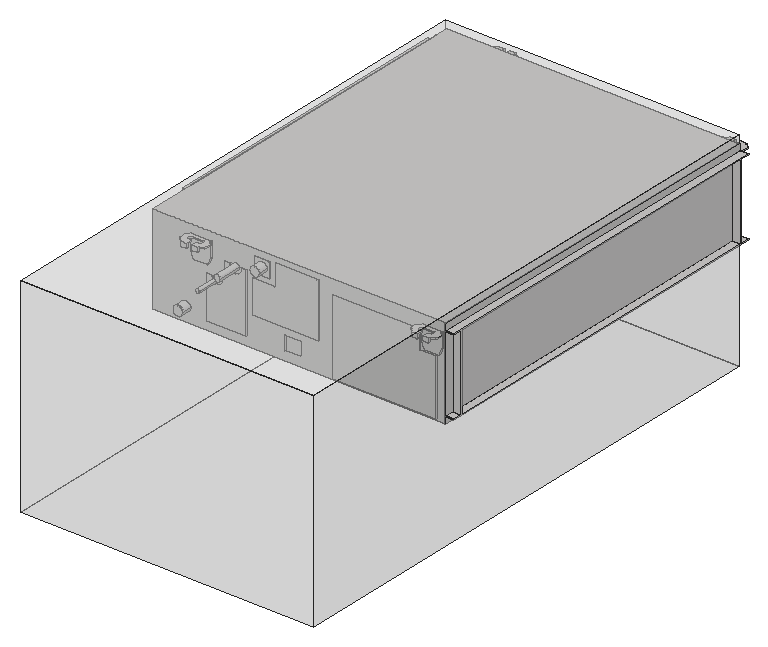
Revit family "outputfile", category 機械設備, Revit 2024
Family settings
  丸型コネクタ寸法 = 半径を使用
  パーツ タイプ = 標準
  OmniClass 番号 = 23.75.10.24.21.27.27
  OmniClass タイトル = Split System Air Conditioning Units
  作業面ベース = いいえ
  常に垂直 = はい
  ロード時にボイドで切り取り = いいえ
  注釈の向きを維持 = いいえ
  共有 = いいえ
  部屋計算ポイント = はい
Parameters (values of type "FBQ60EVE")
  Description = ""
  製造元 = "Daikin"
  書き出し IFC クラス(タイプ) = "IfcUnitaryEquipmentType"
  定義済み IFC タイプ(タイプ) = "AIRCONDITIONINGUNIT"
  Cost = 0
  モデル = "FBQ60EVE"
  Type Comments = ""
  Keynote = ""
  Type Image = (empty or 0)
  Assembly Code = ""
  switch_frequency = yes
  r_Liquid Pipe Size = Liquid Pipe Size / 2  # 4.75 mm
  r_Gas Pipe Size = Gas Pipe Size / 2  # 7.95 mm
  r_Drain Pipe Size = Drain Pipe Size / 2  # 12.5 mm
  lw_power = 770.0 mm  # constant formula
  lh_SA = 138.0 mm  # constant formula
  lw_SA = if(Depth = 550.0 mm, 225.0 mm, if(Depth = 700.0 mm, 300.0 mm, if(Depth = 1000.0 mm, 450.0 mm, if(Depth = 1400.0 mm, 650.0 mm, 725.0 mm))))  # 450.0 mm
  lw_RA = if(Depth = 550.0 mm, 275.0 mm, if(Depth = 700.0 mm, 349.0 mm, if(Depth = 1000.0 mm, 499.0 mm, if(Depth = 1400.0 mm, 699.0 mm, 775.0 mm))))  # 499.0 mm
  lh_power = 60.0 mm + [h***]  # 60.0 mm
  lh_mountinghole1 = lh_mountinghole + [h***]  # 222.0 mm
  lh_RA = 123.0 mm  # constant formula
  ld_power = Depth / 2  # 500.0 mm
  connector_voltage = Voltage_50Hz  # 230 V
  connector_powerinput = [Power Input (Cooling)]  # 1.690 kW
  connector_phase = Phase_50Hz  # 1
  Voltage_comment_60Hz = "220"
  Voltage_comment_50Hz = "220 - 240"
  Voltage_60Hz = 220 V
  Voltage_50Hz = 230 V
  URL = ""
  Supply Air Direction [instance] = yes
  Sound Power Level_H speed (dB) = 0
  Phase_60Hz = 1
  Phase_50Hz = 1
  Minimum External Static Pressure = 0.00 Pa
  Minimum Circuit Amps_60Hz = 0.0 A
  Minimum Circuit Amps_50Hz = 0.0 A
  Maximum Fuse Amps_60Hz = 0.0 A
  Maximum Fuse Amps_50Hz = 0.0 A
  Maximum External Static Pressure = 0.00 Pa
  Material_Casing = DAIKIN_GalvanizedSteel_Casing_indoorunit
  lw_mountinghole = 630.0 mm  # constant formula
  lh_gaspipe = 183.0 mm + [h***]  # 183.0 mm
  lh_mountinghole = 222.0 mm  # constant formula
  lh_liquidpipe = 136.0 mm + [h***]  # 136.0 mm
  lh_drainpipe = 207.0 mm + [h***]  # 207.0 mm
  lh_antena = Height - lh_mountinghole + 1.0 mm  # 24.0 mm
  ld_drainpipe = Depth / 2 + 26.0 mm  # 526.0 mm
  ld_liquidpipe = Depth / 2 + 69.0 mm  # 569.0 mm
  ld_gaspipe = Depth / 2 + 65.0 mm  # 565.0 mm
  ld_mountinghole = Depth + 38.0 mm  # 1038.0 mm
  h*** = 0.0 mm  # constant formula
  lw_liquidpipe = 179.0 mm  # constant formula
  lw_gaspipe = 229.0 mm  # constant formula
  lw_drainpipe = 300.0 mm  # constant formula
  Width = 800.0 mm
  Version = "ver.1.0"
  Unit Type = "Duct"
  Unit Mass Weight = 37.00 kg
  Unit Designation [instance] = ""
  Uniclass2015Version = "Products v1.30"
  Uniclass2015Title = "Split coil room air conditioning units"
  Uniclass2015Code = "Pr_70_65_03_86"
  Total Cooling Capacity [instance] = 0.000 kW
  Sound Pressure Level_M speed (dBA) = 33
  Sound Pressure Level_L speed (dBA) = 31
  Sound Pressure Level_H speed (dBA) = 35
  Series = "SkyAir_Fan Coil Unit"
  Sensible Cooling Capacity [instance] = 0.000 kW
  SA Duct Size Width = 792.0 mm
  SA Duct Size Height = 176.0 mm
  Refrigerant Type = "R410A"
  RA Duct Size Width = 952.0 mm
  RA Duct Size Height = 208.0 mm
  Power Input (Cooling) = 1.690 kW
  Option Accessory 3 [instance] = ""
  Option Accessory 2 [instance] = ""
  Option Accessory 1 [instance] = ""
  Nominal Cooling Capacity = 6.000 kW
  Minimum Airflow = 756.00 m³/h
  Median Airflow = 900.00 m³/h
  Maximum Airflow = 1080.00 m³/h
  Load Classification = HVAC
  Liquid Pipe Size = 9.5 mm
  Link_Nested Family [instance] = ""
  IfcVersion = ""
  IfcExportType = "AIRCONDITIONINGUNIT"
  IfcExportAs = "IfcUnitaryEquipmentType"
  Height = 245.0 mm
  Heat Exchanger Type = "Cross Fin Coil"
  Gas Pipe Size = 15.9 mm
  Frequency_60Hz = 60 Hz
  Frequency_50Hz = 50 Hz
  Fan Type = "Sirocco Fan"
  Fan Drive = "-"
  FCU Tag No. [instance] = ""
  Drain Pipe Size = 25.0 mm
  Design Supply Airflow [instance] = 0.00 m³/h
  Design Return Airflow [instance] = 0.00 m³/h
  Design External Static Pressure [instance] = 0.00 Pa
  Depth = 1000.0 mm
  既定の高さ = 0.0 mm
  Cooling Entering Wet Bulb Temperature [instance] = 0.00 °C
  Cooling Entering Dry Bulb Temperature [instance] = 0.00 °C
  Cooling Ambient Wet Bulb Temperature [instance] = 0.00 °C
  Cooling Ambient Dry Bulb Temperature [instance] = 0.00 °C
  Clearance visibility [instance] = yes
  Clearance Top = 20.0 mm
  Clearance Right = 0.0 mm
  Clearance Rear = 0.0 mm
  Clearance Left = 0.0 mm
  Clearance Front = 450.0 mm
  Clearance Bottom = 300.0 mm
Reference planes
  plane 1 "Center (Front/Back)": y = 0
  plane 2 "h": z = 0
  plane 3 "Center (Left/Right)": x = 0
  plane 4 "Back": y = 500
  plane 5 "Front": y = -500
  plane 6 "Left": x = -400
  plane 7 "Right": x = 400
  plane 8 "Top": z = 0
  plane 9 "Bottom": z = -245
  plane 10: y = -215
  plane 11: y = 500
  plane 12: y = -950
  plane 13: x = -400
  plane 14: x = 400
  plane 15: z = 20
  plane 16: z = -545
  plane 17: x = -400
  plane 18: x = -399
  plane 19: x = 399
  plane 20: y = 50
  plane 21: y = -1
  plane 22: z = -122
  plane 23: y = -501
  plane 24: z = -109
  plane 25: x = -221
  plane 26: y = -565
  plane 27: z = -62
  plane 28: x = -171
  plane 29: y = -526
  plane 30: z = -38
  plane 31: x = -100
  plane 32: x = -100
  plane 33: x = -221
  plane 34: x = -171
  plane 35: x = 370
  plane 36: x = -266
  plane 37: x = 364
  plane 38: y = -519
  plane 39: y = 519
  plane 40: z = -23
  plane 41: z = -107
  plane 42: y = -569
  plane 43: z = -207
  plane 44: x = -309
  plane 45: y = -526
  plane 46: x = -251
  plane 47: x = -203
  plane 48: x = -144
  plane 49: z = -59
  plane 50: z = -106
  plane 51: z = -221
  plane 52: z = -109
  plane 53: x = -221
  plane 54: z = -62
  plane 55: x = -171
  plane 56: z = -17
  plane 57: z = -59
  plane 58: x = -121
  plane 59: x = -79
  plane 60: x = -125
  plane 61: x = -64
  plane 62: x = 53
  plane 63: z = -164
  plane 64: z = -73
  plane 65: z = -16
  plane 66: x = 93.5
  plane 67: x = 374.5
  plane 68: x = 330
  plane 69: z = -88.5
  plane 70: z = -38
  plane 71: z = -242.5
  plane 72: x = -38.5
  plane 73: x = 6.5
  plane 74: z = -181
  plane 75: z = -221
  plane 76: y = -499
  plane 77: x = -424
  plane 78: x = 424
Forms (mm)
  Extrusion 1, solid, material "DAIKIN_GalvanizedSteel_Casing_indoorunit" <- "Material_Casing"
    sketch origin (0, 0, 0) x (1, 0, 0) y (0, 1, 0)
      loop
        line (-399, 500) -> (-399, -500) -> (399, -500) -> (399, 500) -> (-399, 500)
    from -245 to 0
  Extrusion 2, solid, material "DAIKIN_GalvanizedSteel_Casing_indoorunit" <- "Material_Casing"
    sketch origin (0, 0, 0) x (1, 0, 0) y (0, 0, 1)
      loop
        line (-251, -221) -> (-144, -221) -> (-144, -59) -> (-154.47, -59)
        arc (-154.47, -59) -> (-171, -78.8) -> (-187.53, -59) r 16.8
        line (-187.53, -59) -> (-203, -59) -> (-203, -106) -> (-206.916, -106)
        arc (-206.916, -106) -> (-221, -123.4) -> (-235.084, -106) r 14.4
        line (-235.084, -106) -> (-251, -106) -> (-251, -221)
    from 500 to 501
  Extrusion 3, solid, material "DAIKIN_GalvanizedSteel_Casing_indoorunit" <- "Material_Casing"
    sketch origin (0, 0, 0) x (1, 0, 0) y (0, 0, 1)
      loop
        line (-121, -17) -> (-121, -59) -> (-79, -59) -> (-79, -17) -> (-121, -17)
      loop
        line (-125, -73) -> (-125, -164) -> (53, -164) -> (53, -16) -> (-64, -16) -> (-64, -73) -> (-125, -73)
    from 500 to 501
  Extrusion 4, solid, material "DAIKIN_GalvanizedSteel_Casing_indoorunit" <- "Material_Casing"
    sketch origin (0, 0, 0) x (1, 0, 0) y (0, 0, 1)
      loop
        line (93.5, -38) -> (93.5, -242.5) -> (374.5, -242.5) -> (374.5, -88.5) -> (330, -88.5) -> (330, -38) -> (93.5, -38)
    from 500 to 501
  Extrusion 5, solid, material "DAIKIN_GalvanizedSteel_Casing_indoorunit" <- "Material_Casing"
    sketch origin (0, 0, 0) x (1, 0, 0) y (0, 0, 1)
      loop
        circle (-221, -109) r 4.75
    from 500 to 569
  Extrusion 6, solid, material "DAIKIN_GalvanizedSteel_Casing_indoorunit" <- "Material_Casing"
    sketch origin (0, 0, 0) x (1, 0, 0) y (0, 0, 1)
      loop
        circle (-171, -62) r 7.95
    from 500 to 565
  Extrusion 7, solid, material "DAIKIN_GalvanizedSteel_Casing_indoorunit" <- "Material_Casing"
    sketch origin (0, 0, 0) x (1, 0, 0) y (0, 0, 1)
      loop
        circle (-100, -38) r 12.5
    from 501 to 526
  Extrusion 8, solid, material "DAIKIN_GalvanizedSteel_Casing_indoorunit" <- "Material_Casing"
    sketch origin (0, 0, 0) x (1, 0, 0) y (0, 0, 1)
      loop
        circle (-309, -207) r 13
    from 500 to 526
  Extrusion 9, void
    sketch origin (0, 0, 0) x (1, 0, 0) y (0, 0, 1)
      loop
        line (-38.5, -181) -> (-38.5, -221) -> (6.5, -221) -> (6.5, -181) -> (-38.5, -181)
    from 499 to 500
Cuts and joins
  Extrusion 9 cuts Extrusion 1
Dimensions and locks
  "Height": plane 8 "Top" to plane 9 "Bottom"
  equal spacing: plane 4 "Back", plane 1 "Center (Front/Back)", plane 5 "Front"
  "Depth": plane 4 "Back" to plane 5 "Front"
  equal spacing: plane 6 "Left", plane 3 "Center (Left/Right)", plane 7 "Right"
  "Width": plane 6 "Left" to plane 7 "Right"
  "Clearance Left": plane 13 to plane 6 "Left"
  "Clearance Right": plane 7 "Right" to plane 14
  "Clearance Rear": plane 11 to plane 4 "Back"
  "Clearance Front": plane 5 "Front" to plane 12
  "Clearance Top": plane 15 to plane 8 "Top"
  "Clearance Bottom": plane 9 "Bottom" to plane 16
  locked: plane 17 to plane 18 at 1
  locked: plane 19 to plane 14 at 1
  "lw_RA": plane 21 to plane 5 "Front"
  "lh_RA": plane 22 to plane 9 "Bottom"
  locked: plane 5 "Front" to plane 23 at 1
  "lw_liquidpipe": plane 25 to plane 6 "Left"
  "lh_liquidpipe": plane 24 to plane 9 "Bottom"
  "lh_gaspipe": plane 27 to plane 9 "Bottom"
  "lw_gaspipe": plane 28 to plane 6 "Left"
  "ld_gaspipe": plane 26 to plane 1 "Center (Front/Back)"
  "ld_drainpipe": plane 29 to plane 1 "Center (Front/Back)"
  "lh_drainpipe": plane 30 to plane 9 "Bottom"
  "lw_drainpipe": plane 31 to plane 6 "Left"
  "lw_drainpipe": plane 6 "Left" to plane 32
  "lw_liquidpipe": plane 6 "Left" to plane 33
  "lw_gaspipe": plane 6 "Left" to plane 34
  "lw_power": plane 6 "Left" to plane 35
  locked: plane 17 to plane 36 at 134
  "lw_mountinghole": plane 36 to plane 37
  equal spacing: plane 38, plane 1 "Center (Front/Back)", plane 39
  "ld_mountinghole": plane 39 to plane 38
  "lh_mountinghole": plane 40 to plane 9 "Bottom"
  "lh_SA": plane 41 to plane 9 "Bottom"
  locked: plane 44 to plane 6 "Left" at 91
  locked: plane 43 to plane 9 "Bottom" at 38
  locked: plane 5 "Front" to plane 45 at 26
  plane 48 to plane 47 to plane 46 to plane 6 "Left" = 59.0 mm, 48.0 mm, 149.0 mm
  plane 8 "Top" to plane 49 to plane 50 to plane 51 = 59.0 mm locked, 47.0 mm locked, 115.0 mm locked
  plane 55 to plane 53 to plane 6 "Left" = 50.0 mm locked, 179.0 mm locked
  plane 54 to plane 52 to plane 9 "Bottom" = 47.0 mm locked, 136.0 mm locked
  plane 59 to plane 58 to plane 6 "Left" = 42.0 mm locked, 279.0 mm locked
  plane 8 "Top" to plane 56 to plane 57 = 17.0 mm locked, 42.0 mm locked
  plane 62 to plane 61 to plane 60 to plane 6 "Left" = 117.0 mm, 61.0 mm, 275.0 mm
  plane 8 "Top" to plane 65 to plane 64 = 16.0 mm locked, 57.0 mm locked
  locked: plane 65 to plane 63 at 148
  plane 8 "Top" to plane 70 to plane 69 to plane 71 = 38.0 mm locked, 50.5 mm locked, 154.0 mm locked
  plane 67 to plane 68 to plane 66 to plane 6 "Left" = 44.5 mm locked, 236.5 mm locked, 493.5 mm locked
  plane 8 "Top" to plane 74 to plane 75 = 181.0 mm locked, 40.0 mm locked
  plane 73 to plane 72 to plane 6 "Left" = 45.0 mm, 361.5 mm
  locked: plane 76 to plane 5 "Front" at 1
  locked: plane 77 to plane 17 at 24
  locked: plane 14 to plane 78 at 24
  "ld_liquidpipe": plane 42 to plane 1 "Center (Front/Back)"
  "lw_SA": plane 4 "Back" to plane 20
  "r_Liquid Pipe Size": radius of Extrusion 5 sketch curve
  "r_Gas Pipe Size": radius of Extrusion 6 sketch curve
  "r_Drain Pipe Size": radius of Extrusion 7 sketch curve
  aligned and locked: level to plane 2 "h"
  aligned and locked: plane 8 "Top" to Extrusion 1
  aligned and locked: Extrusion 1 to plane 9 "Bottom"
  aligned and locked: nested 5 to plane 12
  aligned and locked: plane 13 to nested 5
  aligned and locked: plane 14 to nested 5
  aligned and locked: nested 5 to plane 13
  aligned and locked: plane 11 to nested 5
  aligned and locked: plane 15 to nested 5
  aligned and locked: plane 16 to nested 5
  aligned and locked: plane 5 "Front" to Extrusion 1 sketch curve
  aligned and locked: Extrusion 1 to plane 18
  aligned and locked: plane 19 to Extrusion 1
  aligned and locked: nested 7 to plane 18
  aligned and locked: nested 7 to plane 20
  aligned and locked: plane 19 to nested 8
  aligned and locked: plane 21 to nested 8
  aligned and locked: plane 22 to nested 8
  aligned and locked: Extrusion 2 to plane 23
  aligned and locked: plane 5 "Front" to Extrusion 2
  aligned and locked: Extrusion 3 to plane 23
  aligned and locked: plane 5 "Front" to Extrusion 3
  aligned and locked: plane 5 "Front" to Extrusion 4
  aligned and locked: Extrusion 5 sketch curve to plane 25
  aligned and locked: plane 24 to Extrusion 5 sketch curve
  aligned and locked: plane 5 "Front" to Extrusion 5
  aligned and locked: Extrusion 6 sketch curve to plane 28
  aligned and locked: plane 27 to Extrusion 6 sketch curve
  aligned and locked: plane 5 "Front" to Extrusion 6
  aligned and locked: Extrusion 7 sketch curve to plane 31
  aligned and locked: Extrusion 7 sketch curve to plane 30
  aligned and locked: Extrusion 7 to plane 29
  aligned and locked: plane 23 to Extrusion 7
  aligned and locked: nested 3 to plane 29
  aligned and locked: plane 32 to nested 3
  aligned and locked: nested 2 to plane 33
  aligned and locked: nested 1 to plane 34
  aligned and locked: Extrusion 6 to plane 26
  aligned and locked: nested 1 to plane 26
  aligned and locked: nested 6 to plane 5 "Front"
  aligned and locked: nested 6 to plane 35
  aligned and locked: plane 36 to nested 10
  aligned and locked: nested 10 to plane 5 "Front"
  aligned and locked: plane 37 to nested 9
  aligned and locked: nested 9 to plane 5 "Front"
  aligned and locked: nested 11 to plane 36
  aligned and locked: plane 4 "Back" to nested 11
  aligned and locked: nested 12 to plane 37
  aligned and locked: plane 4 "Back" to nested 12
  aligned and locked: plane 40 to nested 10
  aligned and locked: plane 40 to nested 11
  aligned and locked: plane 40 to nested 9
  aligned and locked: plane 40 to nested 12
  aligned and locked: plane 36 to nested 14
  aligned and locked: nested 14 to plane 39
  aligned and locked: plane 37 to nested 13
  aligned and locked: nested 13 to plane 39
  aligned and locked: plane 37 to nested 16
  aligned and locked: plane 38 to nested 16
  aligned and locked: plane 38 to nested 15
  aligned and locked: plane 36 to nested 15
  aligned and locked: plane 17 to plane 6 "Left"
  aligned and locked: plane 41 to nested 7
  aligned and locked: Extrusion 5 to plane 42
  aligned and locked: nested 2 to plane 42
  aligned and locked: Extrusion 8 sketch curve to plane 44
  aligned and locked: plane 43 to Extrusion 8 sketch curve
  aligned and locked: plane 5 "Front" to Extrusion 8
  aligned and locked: plane 45 to Extrusion 8
  aligned and locked: Extrusion 3 sketch curve to plane 56
  aligned and locked: Extrusion 3 sketch curve to plane 58
  aligned and locked: plane 57 to Extrusion 3 sketch curve
  aligned and locked: plane 59 to Extrusion 3 sketch curve
  aligned and locked: Extrusion 4 to plane 23
  aligned and locked: Extrusion 9 sketch curve to plane 74
  aligned and locked: plane 75 to Extrusion 9 sketch curve
  aligned and locked: plane 73 to Extrusion 9 sketch curve
  aligned and locked: plane 5 "Front" to Extrusion 9
  aligned and locked: plane 76 to Extrusion 9
  aligned and locked: nested 17 to plane 20
  aligned and locked: nested 17 to plane 77
  aligned and locked: plane 21 to nested 18
  aligned and locked: plane 78 to nested 18
  aligned and locked: plane 41 to nested 17
  aligned and locked: nested 18 to plane 22
  aligned and locked: nested 4 to plane 3 "Center (Left/Right)"
  aligned and locked: plane 1 "Center (Front/Back)" to nested 4
  aligned and locked: level to plane 8 "Top"
Automatic sketch dimensions
  plane 6 "Left" to Extrusion 1 sketch curve = 1.0 mm
  Extrusion 1 sketch curve to plane 7 "Right" = 1.0 mm
  Extrusion 1 sketch curve to plane 4 "Back" = 0.0 mm
  Extrusion 2 sketch curve to plane 46 = 0.0 mm
  Extrusion 2 sketch curve to plane 33 = 0.0 mm
  Extrusion 2 sketch curve to plane 47 = 0.0 mm
  Extrusion 2 sketch curve to plane 34 = 0.0 mm
  Extrusion 2 sketch curve to plane 48 = 0.0 mm
  Extrusion 2 sketch curve to plane 51 = 0.0 mm
  Extrusion 2 sketch curve to plane 52 = 0.0 mm
  Extrusion 2 sketch curve to plane 50 = 0.0 mm  (x3)
  Extrusion 2 sketch curve to plane 54 = 0.0 mm
  Extrusion 2 sketch curve to plane 49 = 0.0 mm  (x3)
  plane 33 to Extrusion 2 sketch curve = 14.084 mm
  plane 34 to Extrusion 2 sketch curve = 16.53 mm
  Extrusion 3 sketch curve to plane 60 = 0.0 mm
  Extrusion 3 sketch curve to plane 61 = 0.0 mm
  Extrusion 3 sketch curve to plane 62 = 0.0 mm
  Extrusion 3 sketch curve to plane 63 = 0.0 mm
  Extrusion 3 sketch curve to plane 64 = 0.0 mm
  Extrusion 3 sketch curve to plane 65 = 0.0 mm
  Extrusion 4 sketch curve to plane 66 = 0.0 mm
  Extrusion 4 sketch curve to plane 68 = 0.0 mm
  Extrusion 4 sketch curve to plane 67 = 0.0 mm
  Extrusion 4 sketch curve to plane 71 = 0.0 mm
  Extrusion 4 sketch curve to plane 69 = 0.0 mm
  Extrusion 4 sketch curve to plane 70 = 0.0 mm
  Extrusion 9 sketch curve to plane 72 = 0.0 mm
  radius of Extrusion 8 sketch curve = 13.0 mm
Nested families
  nested 1: "daikin_connector_rotate2" at (-171, 0, -62), length <- "ld_gaspipe", built-in parameter 1001364 <- "lh_gaspipe", radius <- "r_Gas Pipe Size", type "daikin_connector_rotate2"
    with radius 7.95 mm, length 565.0 mm, angle_vertical 90.00°
  nested 2: "daikin_connector_rotate2" at (-221, 0, -109), length <- "ld_liquidpipe", built-in parameter 1001364 <- "lh_liquidpipe", radius <- "r_Liquid Pipe Size", type "daikin_connector_rotate2"
    with radius 4.75 mm, length 569.0 mm, angle_vertical 90.00°
  nested 3: "daikin_connector_rotate2" at (-100, 0, -38), length <- "ld_drainpipe", built-in parameter 1001364 <- "lh_drainpipe", radius <- "r_Drain Pipe Size", type "daikin_connector_rotate2"
    with radius 12.5 mm, length 526.0 mm, angle_vertical 90.00°
  nested 4: "daikin_△_symbolicline" at (0, 0, 245) x (0, -1, 0) z (0, 0, 1), built-in parameter 1001364 <- "Height", visible <- "Supply Air Direction", type "daikin_△_symbolicline"
    with length 200.0 mm
  nested 5: "daikin_clearancespace" at (0, -225, -262.381), visible <- "Clearance visibility", show <- "Clearance visibility", Link_Nested Family <- "Link_Nested Family", type "daikin_clearancespace"
    with width 800.0 mm, show yes, height 565.0 mm, depth 1450.0 mm, Link_Nested Family ""
  nested 6: "daikin_connector_rotate2" at (370, 0, -185), built-in parameter 1001364 <- "lh_power", length <- "ld_power", type "daikin_connector_rotate2"
    with radius 10.0 mm, length 500.0 mm, angle_vertical 90.00°
  nested 7: "daikin_ductflange_FBQ-EVE2" at (-399, 50, -107) x (0, -1, 0) z (0, 0, 1), type "daikin_ductflange_FBQ-EVE2"
    with width 792.0 mm, w 1000.0 mm
  nested 8: "daikin_ductflange_FBQ-EVE" at (399, -1, -122) x (0, 1, 0) z (0, 0, 1), type "daikin_ductflange_FBQ-EVE"
    with width 952.0 mm, lw 25.0 mm, w 1000.0 mm
  nested 9: "daikin_hangerfixture_FBQ-EVE" at (364, -500, -23), type "daikin_hangerfixture_FBQ-EVE"
  nested 10: "daikin_hangerfixture_FBQ-EVE" at (-266, -500, -23), type "daikin_hangerfixture_FBQ-EVE"
  nested 11: "daikin_hangerfixture_FBQ-EVE" at (-266, 500, -23) x (-1, 0, 0) z (0, 0, 1), type "daikin_hangerfixture_FBQ-EVE"
  nested 12: "daikin_hangerfixture_FBQ-EVE" at (364, 500, -23) x (-1, 0, 0) z (0, 0, 1), type "daikin_hangerfixture_FBQ-EVE"
  nested 13: "daikin_mountinghole" at (364, 519, -245), h_mountinghole <- "lh_mountinghole1", l_antenna <- "lh_antena", Link_Nested Family <- "Link_Nested Family", type "daikin_mountinghole"
    with show yes, l_antenna 24.0 mm, h_mountinghole 222.0 mm, Link_Nested Family ""
  nested 14: "daikin_mountinghole" at (-266, 519, -245), h_mountinghole <- "lh_mountinghole1", l_antenna <- "lh_antena", Link_Nested Family <- "Link_Nested Family", type "daikin_mountinghole"
    with show yes, l_antenna 24.0 mm, h_mountinghole 222.0 mm, Link_Nested Family ""
  nested 15: "daikin_mountinghole" at (-266, -519, -245), h_mountinghole <- "lh_mountinghole1", l_antenna <- "lh_antena", Link_Nested Family <- "Link_Nested Family", type "daikin_mountinghole"
    with show yes, l_antenna 24.0 mm, h_mountinghole 222.0 mm, Link_Nested Family ""
  nested 16: "daikin_mountinghole" at (364, -519, -245), h_mountinghole <- "lh_mountinghole1", l_antenna <- "lh_antena", Link_Nested Family <- "Link_Nested Family", type "daikin_mountinghole"
    with show yes, l_antenna 24.0 mm, h_mountinghole 222.0 mm, Link_Nested Family ""
  nested 17: "daikin_connector_rotate2" at (-400, 50, -107) x (0, -1, 0) z (0, 0, 1), type "daikin_connector_rotate2"
    with radius 10.0 mm, length 24.0 mm, angle_vertical 90.00°
  nested 18: "daikin_connector_rotate2" at (400, -1, -122) x (0, 1, 0) z (0, 0, 1), type "daikin_connector_rotate2"
    with radius 10.0 mm, length 24.0 mm, angle_vertical 90.00°
Connectors
  piping at (-100, -526, -38), diameter 25, driven by "r_Drain Pipe Size"
    settings: on nested 3, index 3, connector inside diameter 609.6 mm, connector length 0.0 mm, flow factor 0, pipe flow 0.00 m³/h, pressure drop 0.0 Pa, fitting loss kfactor 0, connector angle 0.00°, fixture units 0, engagement length 0.0 mm, angle of deflection 0.00°, flow configuration 1, flow direction 2, fitting loss method 4, system type 16, joint type 0, gender type 0, connector reference index -1, connector utility 0, adjustable connector no, is connector primary yes, connector description "Condensate Drain Piping"
  piping at (-171, -565, -62), diameter 15.9, driven by "r_Gas Pipe Size"
    settings: on nested 1, index 4, connector inside diameter 609.6 mm, connector length 0.0 mm, flow factor 0, pipe flow 0.00 m³/h, pressure drop 0.0 Pa, fitting loss kfactor 0, connector angle 0.00°, fixture units 0, engagement length 0.0 mm, angle of deflection 0.00°, flow configuration 1, flow direction 2, fitting loss method 0, system type 29, joint type 0, gender type 0, connector reference index -1, connector utility 0, adjustable connector no, is connector primary no, connector description "Refrigerant Gas Piping"
  piping at (-221, -569, -109), diameter 9.5, driven by "r_Liquid Pipe Size"
    settings: on nested 2, index 5, connector inside diameter 609.6 mm, connector length 0.0 mm, flow factor 0, pipe flow 0.00 m³/h, pressure drop 0.0 Pa, fitting loss kfactor 0, connector angle 0.00°, fixture units 0, engagement length 0.0 mm, angle of deflection 0.00°, flow configuration 1, flow direction 1, fitting loss method 0, system type 29, joint type 0, gender type 0, connector reference index -1, connector utility 0, adjustable connector no, is connector primary no, connector description "Refrigerant Liquid Piping"
  electrical at (370, -500, -185), driven by "Load Classification", driven by "connector_powerinput", driven by "connector_voltage", driven by "connector_phase"
    settings: on nested 6, index 6, voltage 230 V, apparent load 1690 VA, apparent load phase1 0 VA, apparent load phase2 0 VA, apparent load phase3 0 VA, power factor 1, load classification "HVAC", number of poles 1, system type 30, power factor state 1, is connector primary yes, connector utility no, sub classification motor no, connector description "Power Supply"
  hvac at (-424, 50, -107), driven by "SA Duct Size Height", driven by "SA Duct Size Width"
    settings: on nested 17, index 7, duct flow 0.00 m³/h, flow factor 0, pres drop 0.00 Pa, loss coef 0, conn angle 0.00°, conn width 792.0 mm, conn height 176.0 mm, conn diameter 609.6 mm, duct sys type 1, conn prof type 1, flow config 0, flow direction 2, loss method 4, conn ref index -1, conn util no, is conn primary yes, conn desc "SA Duct"
  hvac at (424, -1, -122), driven by "RA Duct Size Height", driven by "RA Duct Size Width"
    settings: on nested 18, index 8, duct flow 0.00 m³/h, flow factor 0, pres drop 0.00 Pa, loss coef 0, conn angle 0.00°, conn width 952.0 mm, conn height 208.0 mm, conn diameter 609.6 mm, duct sys type 2, conn prof type 1, flow config 0, flow direction 1, loss method 4, conn ref index -1, conn util no, is conn primary no, conn desc "RA Duct"
Definition of nested family "daikin_clearancespace"
  Parameters (values of type "daikin_clearancespace")
    Description = "daikin_clearancespace"
    width [instance] = 1823.963 mm
    show [instance] = yes
    material = none
    height [instance] = 1359.762 mm
    depth [instance] = 880.0 mm
    Default Elevation = 0.0 mm
    Link_Nested Family [instance] = ""
  Reference planes
    plane 1 "Center (Front/Back)": y = 0
    plane 2 "Center (Elevation)": z = -0.119
    plane 3 "Center (Left/Right)": x = 0
    plane 4: y = 440
    plane 5: y = -440
    plane 6 "Right": x = 911.982
    plane 7 "Left": x = -911.982
    plane 8 "Top": z = 679.762
    plane 9 "Bottom": z = -680
  Forms (mm)
    Extrusion 1, solid, material <- "material", visible <- "show"
      sketch origin (0, 0, 0) x (1, 0, 0) y (0, 1, 0)
        loop
          line (-911.982, 440) -> (-911.982, -440) -> (911.982, -440) -> (911.982, 440) -> (-911.982, 440)
      from -680 to 679.762
  Lines and regions (mm)
    symbolic lines, visible <- "show"
      curve 1: line (911.982, 440, 0) -> (-911.982, 440, 0)
      curve 2: line (-911.982, 440, 0) -> (-911.982, -440, 0)
      curve 3: line (-911.982, -440, 0) -> (911.982, -440, 0)
      curve 4: line (911.982, -440, 0) -> (911.982, 440, 0)
      curve 5: line (911.982, 0, 679.762) -> (-911.982, 0, 679.762)
      curve 6: line (911.982, 0, -680) -> (911.982, 0, 679.762)
      curve 7: line (-911.982, 0, -680) -> (911.982, 0, -680)
      curve 8: line (-911.982, 0, 679.762) -> (-911.982, 0, -680)
      curve 9: line (0, 440, 679.762) -> (0, -440, 679.762)
      curve 10: line (0, -440, 679.762) -> (0, -440, -680)
      curve 11: line (0, 440, -680) -> (0, 440, 679.762)
      curve 12: line (0, -440, -680) -> (0, 440, -680)
  Dimensions and locks
    "width": plane 7 "Left" to plane 6 "Right"
    "depth": plane 4 to plane 5
    "height": plane 8 "Top" to plane 9 "Bottom"
    equal spacing: plane 7 "Left", plane 3 "Center (Left/Right)", plane 6 "Right"
    equal spacing: plane 4, plane 1 "Center (Front/Back)", plane 5
    equal spacing: plane 8 "Top", plane 2 "Center (Elevation)", plane 9 "Bottom"
    aligned and locked: level to plane 2 "Center (Elevation)"
    aligned and locked: Extrusion 1 sketch curve to plane 4
    aligned and locked: plane 7 "Left" to Extrusion 1 sketch curve
    aligned and locked: Extrusion 1 sketch curve to plane 5
    aligned and locked: Extrusion 1 sketch curve to plane 6 "Right"
    aligned and locked: plane 8 "Top" to Extrusion 1
    aligned and locked: curve 1 to Extrusion 1
    aligned and locked: curve 2 to Extrusion 1
    aligned and locked: curve 3 to Extrusion 1
    aligned and locked: curve 4 to Extrusion 1
    aligned and locked: curve 5 to Extrusion 1
    aligned and locked: curve 6 to Extrusion 1
    aligned and locked: curve 7 to Extrusion 1
    aligned and locked: curve 8 to Extrusion 1
    aligned and locked: curve 9 to Extrusion 1
    aligned and locked: curve 10 to Extrusion 1
    aligned and locked: curve 11 to Extrusion 1
    aligned and locked: curve 12 to Extrusion 1
    aligned and locked: Extrusion 1 to plane 9 "Bottom"
Definition of nested family "daikin_ductflange_FBQ-EVE2"
  Parameters (values of type "daikin_ductflange_FBFC-DVMG2")
    width = if(w = 550.0 mm, 337.0 mm, if(w = 700.0 mm, 492.0 mm, if(w = 1000.0 mm, 792.0 mm, if(w = 1400.0 mm, 1192.0 mm, 1337.0 mm))))  # 1192.0 mm
    material = none
    height = 215.0 mm
    depth = 1.0 mm
    w = 1400.0 mm
    Default Elevation = 0.0 mm
  Reference planes
    plane 1 "Center (Front/Back)": y = 0
    plane 2: z = 0
    plane 3 "Center (Left/Right)": x = 0
    plane 4: z = 88
    plane 5: z = -88
    plane 6: y = -25
    plane 7: z = 106
    plane 8: z = 89
    plane 9: y = -1
    plane 10: x = -617.5
    plane 11: x = 617.5
    plane 12: z = -106
    plane 13: z = -89
    plane 14: y = -1
    plane 15: x = 596
    plane 16: x = -596
    plane 17: x = 597
    plane 18: z = 87
    plane 19: z = -87
    plane 20: x = -597
    plane 21: z = 87
    plane 22: z = -87
    plane 23: y = -1
  Forms (mm)
    Extrusion 1, solid, material <- "material"
      sketch origin (0, 0, 0) x (0, 1, 0) y (0, 0, 1)
        loop
          line (-25, 88) -> (0, 88) -> (0, 106) -> (-1, 106) -> (-1, 89) -> (-25, 89) -> (-25, 88)
      from -617.5 to 617.5
    Extrusion 2, solid, material <- "material"
      sketch origin (0, 0, 0) x (0, 1, 0) y (0, 0, 1)
        loop
          line (-25, -88) -> (-25, -89) -> (-1, -89) -> (-1, -106) -> (0, -106) -> (0, -88) -> (-25, -88)
      from -617.5 to 617.5
    Extrusion 3, solid, material <- "material"
      sketch origin (0, 0, 0) x (1, 0, 0) y (0, 0, 1)
        loop
          line (596, 88) -> (596, -88) -> (617.5, -88) -> (617.5, -87) -> (597, -87) -> (597, 87) -> (617.5, 87) -> (617.5, 88) -> (596, 88)
      from 0 to 25
    Extrusion 4, solid, material <- "material"
      sketch origin (0, 0, 0) x (1, 0, 0) y (0, 0, 1)
        loop
          line (-617.5, 88) -> (-617.5, 87) -> (-597, 87) -> (-597, -87) -> (-617.5, -87) -> (-617.5, -88) -> (-596, -88) -> (-596, 88) -> (-617.5, 88)
      from 0 to 25
    Extrusion 5, solid, material <- "material"
      sketch origin (0, 0, 0) x (1, 0, 0) y (0, 0, 1)
        loop
          line (-617.5, 88) -> (-617.5, -88) -> (-596, -88) -> (-596, 88) -> (-617.5, 88)
        loop
          line (617.5, 88) -> (596, 88) -> (596, -88) -> (617.5, -88) -> (617.5, 88)
      from 0 to 1
  Cuts and joins
    joined: Extrusion 1, Extrusion 2, Extrusion 3, Extrusion 4, Extrusion 5
  Dimensions and locks
    plane 4 to level to plane 5 = 88.0 mm, 88.0 mm
    locked: plane 6 to plane 1 "Center (Front/Back)" at 25
    locked: plane 9 to plane 1 "Center (Front/Back)" at 1
    locked: plane 8 to plane 4 at 1
    locked: plane 16 to plane 10 at 21.5
    locked: plane 17 to plane 15 at 1
    locked: plane 4 to plane 18 at 1
    locked: plane 19 to plane 5 at 1
    "width": plane 15 to plane 16
    plane 4 to plane 5 = 176.0 mm
    locked: plane 16 to plane 20 at 1
    locked: plane 4 to plane 21 at 1
    locked: plane 22 to plane 5 at 1
    locked: plane 23 to plane 1 "Center (Front/Back)" at 1
    plane 4 to level to plane 5 = 88.0 mm locked, 88.0 mm locked
    locked: plane 5 to plane 13 at 1
    locked: plane 5 to plane 12 at 18
    locked: plane 7 to plane 4 at 18
    equal spacing: plane 15, plane 3 "Center (Left/Right)", plane 16
    locked: plane 11 to plane 15 at 21.5
    plane 11 to plane 10 = 1235.0 mm
    aligned and locked: level to plane 2
    aligned and locked: Extrusion 1 to plane 10
    aligned and locked: plane 11 to Extrusion 1
    aligned and locked: plane 5 to Extrusion 2
    aligned and locked: Extrusion 2 to plane 1 "Center (Front/Back)"
    aligned and locked: plane 15 to Extrusion 3 sketch curve
    aligned and locked: Extrusion 3 sketch curve to Extrusion 2  (x2)
    aligned and locked: Extrusion 3 sketch curve to plane 11
    aligned and locked: plane 6 to Extrusion 3
    aligned and locked: Extrusion 2 to plane 10
    aligned and locked: plane 11 to Extrusion 2
    aligned and locked: Extrusion 4 sketch curve to Extrusion 1  (x2)
    aligned and locked: plane 5 to Extrusion 4 sketch curve
    aligned and locked: Extrusion 4 sketch curve to plane 16
    aligned and locked: Extrusion 4 sketch curve to plane 22
    aligned and locked: plane 20 to Extrusion 4 sketch curve
    aligned and locked: plane 21 to Extrusion 4 sketch curve
    aligned and locked: Extrusion 4 to plane 1 "Center (Front/Back)"
    aligned and locked: plane 6 to Extrusion 4
    aligned and locked: Extrusion 5 sketch curve to Extrusion 1  (x4)
    aligned and locked: Extrusion 5 sketch curve to Extrusion 4  (x2)
    aligned and locked: Extrusion 5 sketch curve to Extrusion 3  (x2)
    aligned and locked: Extrusion 5 to plane 1 "Center (Front/Back)"
    aligned and locked: plane 23 to Extrusion 5
  Automatic sketch dimensions
    Extrusion 1 sketch curve to plane 6 = 0.0 mm
    Extrusion 1 sketch curve to plane 7 = 0.0 mm
    Extrusion 1 sketch curve to plane 9 = 0.0 mm
    Extrusion 1 sketch curve to plane 1 "Center (Front/Back)" = 0.0 mm
    Extrusion 1 sketch curve to plane 4 = 0.0 mm
    Extrusion 1 sketch curve to plane 8 = 0.0 mm
    Extrusion 2 sketch curve to plane 6 = 0.0 mm
    plane 12 to Extrusion 2 sketch curve = 0.0 mm
    Extrusion 2 sketch curve to plane 14 = 0.0 mm
    Extrusion 2 sketch curve to plane 1 "Center (Front/Back)" = 0.0 mm
    plane 13 to Extrusion 2 sketch curve = 0.0 mm
    Extrusion 2 sketch curve to plane 5 = 0.0 mm
    Extrusion 3 sketch curve to plane 17 = 0.0 mm
    Extrusion 3 sketch curve to plane 19 = 0.0 mm
    Extrusion 3 sketch curve to plane 18 = 0.0 mm
    Extrusion 3 sketch curve to plane 4 = 0.0 mm
    Extrusion 4 sketch curve to plane 10 = 0.0 mm
Definition of nested family "daikin_ductflange_FBQ-EVE"
  Parameters (values of type "daikin_ductflange_FBFC-DVMG")
    width = if(w = 550.0 mm, 502.0 mm, if(w = 700.0 mm, 654.0 mm, if(w = 1000.0 mm, 952.0 mm, if(w = 1400.0 mm, 1352.0 mm, 1502.0 mm))))  # 654.0 mm
    material = none
    lw = if(width = 654.0 mm, 23.0 mm, 25.0 mm)  # 23.0 mm
    height = 208.0 mm
    depth = 1.0 mm
    w = 700.0 mm
    Default Elevation = 0.0 mm
  Reference planes
    plane 1 "Center (Front/Back)": y = 0
    plane 2: z = 0
    plane 3 "Center (Left/Right)": x = 0
    plane 4: z = 104
    plane 5: z = -104
    plane 6: y = -25
    plane 7: z = 121
    plane 8: z = 105
    plane 9: y = -1
    plane 10: x = -350
    plane 11: x = 350
    plane 12: z = -122
    plane 13: z = -105
    plane 14: y = -1
    plane 15: x = 327
    plane 16: x = -327
    plane 17: x = 328
    plane 18: z = 103
    plane 19: z = -103
    plane 20: x = -328
    plane 21: z = 103
    plane 22: z = -103
    plane 23: y = -1
  Forms (mm)
    Extrusion 1, solid, material <- "material"
      sketch origin (0, 0, 0) x (0, 1, 0) y (0, 0, 1)
        loop
          line (-25, 104) -> (0, 104) -> (0, 121) -> (-1, 121) -> (-1, 105) -> (-25, 105) -> (-25, 104)
      from -350 to 350
    Extrusion 2, solid, material <- "material"
      sketch origin (0, 0, 0) x (0, 1, 0) y (0, 0, 1)
        loop
          line (-25, -104) -> (-25, -105) -> (-1, -105) -> (-1, -122) -> (0, -122) -> (0, -104) -> (-25, -104)
      from -350 to 350
    Extrusion 3, solid, material <- "material"
      sketch origin (0, 0, 0) x (1, 0, 0) y (0, 0, 1)
        loop
          line (327, 104) -> (327, -104) -> (350, -104) -> (350, -103) -> (328, -103) -> (328, 103) -> (350, 103) -> (350, 104) -> (327, 104)
      from 0 to 25
    Extrusion 4, solid, material <- "material"
      sketch origin (0, 0, 0) x (1, 0, 0) y (0, 0, 1)
        loop
          line (-350, 104) -> (-350, 103) -> (-328, 103) -> (-328, -103) -> (-350, -103) -> (-350, -104) -> (-327, -104) -> (-327, 104) -> (-350, 104)
      from 0 to 25
    Extrusion 5, solid, material <- "material"
      sketch origin (0, 0, 0) x (1, 0, 0) y (0, 0, 1)
        loop
          line (-350, 104) -> (-350, -104) -> (-327, -104) -> (-327, 104) -> (-350, 104)
        loop
          line (350, 104) -> (327, 104) -> (327, -104) -> (350, -104) -> (350, 104)
      from 0 to 1
  Cuts and joins
    joined: Extrusion 1, Extrusion 2, Extrusion 3, Extrusion 4, Extrusion 5
  Dimensions and locks
    plane 4 to level to plane 5 = 104.0 mm, 104.0 mm
    locked: plane 6 to plane 1 "Center (Front/Back)" at 25
    locked: plane 9 to plane 1 "Center (Front/Back)" at 1
    locked: plane 8 to plane 4 at 1
    "lw": plane 11 to plane 15
    "lw": plane 16 to plane 10
    locked: plane 17 to plane 15 at 1
    locked: plane 4 to plane 18 at 1
    locked: plane 19 to plane 5 at 1
    "width": plane 15 to plane 16
    equal spacing: plane 15, plane 3 "Center (Left/Right)", plane 16
    locked: plane 16 to plane 20 at 1
    locked: plane 4 to plane 21 at 1
    locked: plane 22 to plane 5 at 1
    locked: plane 23 to plane 1 "Center (Front/Back)" at 1
    locked: plane 7 to plane 4 at 17
    locked: plane 1 "Center (Front/Back)" to plane 14 at 1
    locked: plane 5 to plane 13 at 1
    "height": plane 4 to plane 5
    plane 11 to plane 10 = 700.0 mm
    locked: plane 12 to plane 13 at 17
    equal spacing: plane 4, level, plane 5
    aligned and locked: level to plane 2
    aligned and locked: Extrusion 1 to plane 10
    aligned and locked: plane 11 to Extrusion 1
    aligned and locked: plane 5 to Extrusion 2
    aligned and locked: Extrusion 2 to plane 1 "Center (Front/Back)"
    aligned and locked: plane 15 to Extrusion 3 sketch curve
    aligned and locked: Extrusion 3 sketch curve to Extrusion 2  (x2)
    aligned and locked: Extrusion 3 sketch curve to plane 11
    aligned and locked: plane 6 to Extrusion 3
    aligned and locked: Extrusion 2 to plane 10
    aligned and locked: plane 11 to Extrusion 2
    aligned and locked: Extrusion 4 sketch curve to Extrusion 1  (x2)
    aligned and locked: plane 5 to Extrusion 4 sketch curve
    aligned and locked: Extrusion 4 sketch curve to plane 16
    aligned and locked: Extrusion 4 sketch curve to plane 22
    aligned and locked: plane 20 to Extrusion 4 sketch curve
    aligned and locked: plane 21 to Extrusion 4 sketch curve
    aligned and locked: Extrusion 4 to plane 1 "Center (Front/Back)"
    aligned and locked: plane 6 to Extrusion 4
    aligned and locked: Extrusion 5 sketch curve to Extrusion 1  (x4)
    aligned and locked: Extrusion 5 sketch curve to Extrusion 4  (x2)
    aligned and locked: Extrusion 5 sketch curve to Extrusion 3  (x2)
    aligned and locked: Extrusion 5 to plane 1 "Center (Front/Back)"
    aligned and locked: plane 23 to Extrusion 5
  Automatic sketch dimensions
    Extrusion 1 sketch curve to plane 6 = 0.0 mm
    Extrusion 1 sketch curve to plane 7 = 0.0 mm
    Extrusion 1 sketch curve to plane 9 = 0.0 mm
    Extrusion 1 sketch curve to plane 1 "Center (Front/Back)" = 0.0 mm
    Extrusion 1 sketch curve to plane 4 = 0.0 mm
    Extrusion 1 sketch curve to plane 8 = 0.0 mm
    Extrusion 2 sketch curve to plane 6 = 0.0 mm
    plane 12 to Extrusion 2 sketch curve = 0.0 mm
    Extrusion 2 sketch curve to plane 14 = 0.0 mm
    Extrusion 2 sketch curve to plane 1 "Center (Front/Back)" = 0.0 mm
    plane 13 to Extrusion 2 sketch curve = 0.0 mm
    Extrusion 2 sketch curve to plane 5 = 0.0 mm
    Extrusion 3 sketch curve to plane 17 = 0.0 mm
    Extrusion 3 sketch curve to plane 19 = 0.0 mm
    Extrusion 3 sketch curve to plane 18 = 0.0 mm
    Extrusion 3 sketch curve to plane 4 = 0.0 mm
    Extrusion 4 sketch curve to plane 10 = 0.0 mm
Definition of nested family "daikin_hangerfixture_FBQ-EVE"
  Parameters (values of type "daikin_hangerfixture_FXMQ-PAVE")
    width = 72.0 mm
    material = none
    height = 60.0 mm
    depth = 41.0 mm
    Default Elevation = 0.0 mm
  Reference planes
    plane 1 "Center (Front/Back)": y = 0
    plane 2: z = 0
    plane 3 "Center (Left/Right)": x = 0
    plane 4: y = 417.146
    plane 5: y = -41
    plane 6: x = -36
    plane 7: x = 36
    plane 8: z = -2.3
    plane 9: z = -60
    plane 10: y = -2.3
    plane 11: z = -12
    plane 12: y = -38.7
  Forms (mm)
    Extrusion 1, solid, material <- "material"
      sketch origin (0, 0, 0) x (1, 0, 0) y (0, 1, 0)
        loop
          line (-28, 0) -> (-28, -5)
          arc (-28, -5) -> (-29.127, -8.162) -> (-32, -9.899) r 5
          arc (-32, -9.899) -> (-34.873, -11.636) -> (-36, -14.798) r 5
          line (-36, -14.798) -> (-36, -27.178)
          arc (-36, -27.178) -> (-35.429, -29.499) -> (-33.846, -31.289) r 5
          line (-33.846, -31.289) -> (-23, -38.798) -> (-23, -41.098) -> (-6.5, -41.098) -> (-6.5, -28.498)
          arc (-6.5, -28.498) -> (-7.379, -26.377) -> (-9.5, -25.498) r 3
          line (-9.5, -25.498) -> (-13.5, -25.498)
          arc (-13.5, -25.498) -> (-20, -18.998) -> (-13.5, -12.498) r 6.5
          line (-13.5, -12.498) -> (13.5, -12.498)
          arc (13.5, -12.498) -> (20, -18.998) -> (13.5, -25.498) r 6.5
          line (13.5, -25.498) -> (9.5, -25.498)
          arc (9.5, -25.498) -> (7.379, -26.377) -> (6.5, -28.498) r 3
          line (6.5, -28.498) -> (6.5, -41.098) -> (23, -41.098) -> (23, -38.798) -> (33.846, -31.289)
          arc (33.846, -31.289) -> (35.429, -29.499) -> (36, -27.178) r 5
          line (36, -27.178) -> (36, -14.596)
          arc (36, -14.596) -> (34.873, -11.434) -> (32, -9.697) r 5
          arc (32, -9.697) -> (29.127, -7.96) -> (28, -4.798) r 5
          line (28, -4.798) -> (28, 0) -> (-28, 0)
      from 0 to -2.3
    Extrusion 2, solid, material <- "material"
      sketch origin (0, 0, 0) x (1, 0, 0) y (0, 0, 1)
        loop
          line (28, -39.037) -> (28, 0) -> (-28, 0) -> (-28, -39.037)
          arc (-28, -39.037) -> (-27.91, -39.983) -> (-27.642, -40.894) r 5
          line (-27.642, -40.894) -> (-21.257, -56.857)
          arc (-21.257, -56.857) -> (-19.418, -59.14) -> (-16.615, -60) r 5
          line (-16.615, -60) -> (16.615, -60)
          arc (16.615, -60) -> (19.418, -59.14) -> (21.257, -56.857) r 5
          line (21.257, -56.857) -> (27.642, -40.894)
          arc (27.642, -40.894) -> (27.91, -39.983) -> (28, -39.037) r 5
      from 0 to 2.3
    Extrusion 3, solid, material <- "material"
      sketch origin (0, 0, 0) x (1, 0, 0) y (0, 0, 1)
        loop
          line (-23, 0) -> (-23, -9)
          arc (-23, -9) -> (-22.121, -11.121) -> (-20, -12) r 3
          line (-20, -12) -> (-9.5, -12)
          arc (-9.5, -12) -> (-7.379, -11.121) -> (-6.5, -9) r 3
          line (-6.5, -9) -> (-6.5, 0) -> (-23, 0)
        loop
          line (23, 0) -> (6.5, 0) -> (6.5, -9)
          arc (6.5, -9) -> (7.379, -11.121) -> (9.5, -12) r 3
          line (9.5, -12) -> (20, -12)
          arc (20, -12) -> (22.121, -11.121) -> (23, -9) r 3
          line (23, -9) -> (23, 0)
      from 38.8 to 41.098
  Cuts and joins
    joined: Extrusion 1, Extrusion 2, Extrusion 3
  Dimensions and locks
    plane 2 to plane 8 = 2.3 mm
    "height": plane 2 to plane 9
    locked: plane 10 to plane 1 "Center (Front/Back)" at 2.3
    locked: plane 2 to plane 11 at 12
    locked: plane 12 to plane 5 at 2.3
    aligned and locked: level to plane 2
    aligned and locked: Extrusion 1 to plane 8
    aligned and locked: plane 2 to Extrusion 1
    aligned and locked: plane 2 to Extrusion 2 sketch curve
    aligned and locked: Extrusion 2 to plane 10
    aligned and locked: Extrusion 2 to plane 1 "Center (Front/Back)"
    aligned and locked: Extrusion 3 sketch curve to cut or joined group of Extrusion 1, Extrusion 2, Extrusion 3  (x3)
    aligned and locked: cut or joined group of Extrusion 1, Extrusion 2, Extrusion 3 to Extrusion 3
  Automatic sketch dimensions
    Extrusion 2 sketch curve to plane 7 = 8.0 mm
    Extrusion 2 sketch curve to plane 8 = 36.737 mm
    plane 6 to Extrusion 2 sketch curve = 19.385 mm
    Extrusion 1 sketch curve to plane 6 = 0.0 mm
    plane 1 "Center (Front/Back)" to Extrusion 1 sketch curve = 0.0 mm
    Extrusion 1 sketch curve to plane 7 = 0.0 mm
    plane 6 to Extrusion 1 sketch curve = 2.154 mm
    plane 6 to Extrusion 1 sketch curve = 3.0 mm
    Extrusion 1 sketch curve to Extrusion 1 sketch curve = 5.0 mm  (x3)
    Extrusion 1 sketch curve to plane 12 = 0.098 mm  (x2)
    Extrusion 1 sketch curve to Extrusion 1 sketch curve = 4.0 mm  (x2)
    Extrusion 1 sketch curve to plane 5 = 0.098 mm  (x2)
    Extrusion 1 sketch curve to plane 3 "Center (Left/Right)" = 6.5 mm
    plane 3 "Center (Left/Right)" to Extrusion 1 sketch curve = 6.5 mm
    Extrusion 1 sketch curve to Extrusion 1 sketch curve = 3.0 mm
    Extrusion 1 sketch curve to plane 7 = 8.0 mm
    Extrusion 1 sketch curve to plane 7 = 5.0 mm
    Extrusion 1 sketch curve to plane 7 = 3.0 mm
    Extrusion 1 sketch curve to plane 7 = 2.154 mm
    plane 12 to Extrusion 1 sketch curve = 7.411 mm  (x2)
    plane 12 to Extrusion 1 sketch curve = 10.202 mm  (x2)
    Extrusion 1 sketch curve to Extrusion 1 sketch curve = 6.5 mm  (x2)
    Extrusion 1 sketch curve to Extrusion 1 sketch curve = 12.38 mm
    Extrusion 1 sketch curve to plane 10 = 12.296 mm
    Extrusion 1 sketch curve to plane 10 = 2.7 mm
    Extrusion 1 sketch curve to plane 10 = 2.498 mm
    plane 6 to Extrusion 1 sketch curve = 4.0 mm
    Extrusion 1 sketch curve to Extrusion 1 sketch curve = 0.0 mm  (x2)
    Extrusion 1 sketch curve to plane 7 = 4.0 mm
    Extrusion 1 sketch curve to Extrusion 1 sketch curve = 4.111 mm
    Extrusion 3 sketch curve to level = 0.0 mm  (x2)
    Extrusion 3 sketch curve to plane 11 = 0.0 mm  (x2)
    plane 11 to Extrusion 3 sketch curve = 3.0 mm  (x2)
    plane 3 "Center (Left/Right)" to Extrusion 3 sketch curve = 6.5 mm
    Extrusion 3 sketch curve to Extrusion 3 sketch curve = 3.0 mm  (x2)
    Extrusion 2 sketch curve to plane 9 = 0.0 mm
    Extrusion 2 sketch curve to Extrusion 2 sketch curve = 11.385 mm
    plane 6 to Extrusion 2 sketch curve = 8.0 mm
    plane 9 to Extrusion 2 sketch curve = 20.963 mm
    Extrusion 2 sketch curve to Extrusion 2 sketch curve = 5.0 mm  (x2)
    plane 9 to Extrusion 2 sketch curve = 3.143 mm  (x3)
    Extrusion 2 sketch curve to Extrusion 2 sketch curve = 4.642 mm  (x2)
    Extrusion 2 sketch curve to Extrusion 2 sketch curve = 0.0 mm  (x2)
    Extrusion 2 sketch curve to Extrusion 2 sketch curve = 0.358 mm
    Extrusion 2 sketch curve to Extrusion 2 sketch curve = 1.857 mm  (x2)
Definition of nested family "daikin_connector_rotate2"
  Parameters (values of type "daikin_connector_rotate2")
    Default Elevation = 1219.2 mm
    show_face = no
    radius [instance] = 10.0 mm
    length [instance] = 600.0 mm
    d_surface = 10.0 mm
    angle_vertical [instance] = 90.00°
  Reference planes
    plane 1 "Center (Front/Back)": y = 0
    plane 2: z = 0
    plane 3 "Center (Left/Right)": x = 0
  Forms (mm)
    Extrusion 1, solid, visible <- "show_face"
      sketch origin (0, -600, 0) x (1, 0, 0) y (0, 0, 1)
        loop
          circle (0, 0) r 10
      from 0 to -10
  Lines and regions (mm)
    reference lines
      curve 1: line (0, 0, 0) -> (0, -600, 0)
    symbolic lines
      curve 2: circle (0, 0, 0) r 5 normal (0, 0, 1)
    model lines, visible <- "show_face"
      curve 3: line (0, 0, 0) -> (0, -600, 0)
  Dimensions and locks
    "length": curve 1 to curve 1
    "length": curve 3 to curve 3
    "d_surface": Extrusion 1 to Extrusion 1
    "radius": radius of Extrusion 1 sketch curve
    "angle_vertical": angle curve 1 to plane 1 "Center (Front/Back)"
    "angle_vertical": angle curve 3 to plane 1 "Center (Front/Back)"
    aligned and locked: level to plane 2
    aligned and locked: plane 1 "Center (Front/Back)" to curve 1
    aligned and locked: plane 2 to curve 1
    aligned and locked: plane 1 "Center (Front/Back)" to curve 2
    aligned and locked: plane 3 "Center (Left/Right)" to curve 2
    aligned and locked: plane 1 "Center (Front/Back)" to curve 3
    aligned and locked: plane 2 to curve 3
    aligned and locked: Extrusion 1 to Extrusion 1
  Automatic sketch dimensions
    Extrusion 1 sketch curve to level = 0.0 mm
    Extrusion 1 sketch curve to plane 3 "Center (Left/Right)" = 0.0 mm
    radius of curve 2 = 5.0 mm
Definition of nested family "daikin_△_symbolicline"
  Parameters (values of type "daikin_△_symbolicline")
    length [instance] = 200.0 mm
    Default Elevation = 0.0 mm
  Reference planes
    plane 1 "Center (Front/Back)": y = 0
    plane 2: z = 0
    plane 3 "Center (Left/Right)": x = 0
  Lines and regions (mm)
    symbolic lines
      curve 1: line (0, -173.205, 0) -> (100, 0, 0)
      curve 2: line (100, 0, 0) -> (-100, 0, 0)
      curve 3: line (-100, 0, 0) -> (0, -173.205, 0)
  Dimensions and locks
    equal spacing: curve 3, plane 3 "Center (Left/Right)", curve 2
    "length": curve 3 to curve 2
    "length": curve 3 to curve 3
    "length": curve 1 to curve 1
    aligned and locked: level to plane 2
    aligned and locked: curve 2 to plane 1 "Center (Front/Back)"
    aligned and locked: plane 3 "Center (Left/Right)" to curve 3
Definition of nested family "daikin_mountinghole"
  Parameters (values of type "daikin_mountinghole")
    Default Elevation = 1219.2 mm
    Type Comments = "mountinghole"
    show [instance] = yes
    material = none
    l_centerline = 100.0 mm
    l_antenna [instance] = 100.0 mm
    h_mountinghole [instance] = 0.0 mm
    d_circle = 30.0 mm
    Link_Nested Family [instance] = ""
  Reference planes
    plane 1 "Center (Front/Back)": y = 0
    plane 2: z = 0
    plane 3 "Center (Left/Right)": x = 0
    plane 4: y = 50
    plane 5: x = -50
    plane 6: x = 50
    plane 7: y = -50
    plane 8 "h_mountinghole": z = 0
    plane 9: z = 100
  Lines and regions (mm)
    model lines, detail levels fine
      curve 1: circle (0, 0, 0) r 15 normal (0, 0, 1)
      curve 2: line (-50, 0, 0) -> (50, 0, 0)
      curve 3: line (0, 50, 0) -> (0, -50, 0)
    symbolic lines, detail levels fine
      curve 4: circle (0, 0, 0) r 15 normal (0, 0, 1)
      curve 5: line (-50, 0, 0) -> (50, 0, 0)
      curve 6: line (0, 50, 0) -> (0, -50, 0)
    model lines
      curve 7: line (0, 0, 100) -> (0, 0, 0)
  Dimensions and locks
    equal spacing: plane 4, plane 1 "Center (Front/Back)", plane 7
    "l_centerline": plane 4 to plane 7
    equal spacing: plane 5, plane 3 "Center (Left/Right)", plane 6
    "l_centerline": plane 5 to plane 6
    "l_antenna": plane 9 to plane 8 "h_mountinghole"
    "h_mountinghole": plane 8 "h_mountinghole" to plane 2
    "d_circle": diameter of curve 1
    "d_circle": diameter of curve 4
    aligned and locked: level to plane 2
    aligned and locked: plane 1 "Center (Front/Back)" to curve 1
    aligned and locked: plane 3 "Center (Left/Right)" to curve 1
    aligned and locked: plane 1 "Center (Front/Back)" to curve 2
    aligned and locked: curve 3 to plane 3 "Center (Left/Right)"
    aligned and locked: plane 6 to curve 2
    aligned and locked: plane 5 to curve 2
    aligned and locked: plane 4 to curve 3
    aligned and locked: plane 7 to curve 3
    aligned and locked: plane 1 "Center (Front/Back)" to curve 4
    aligned and locked: plane 3 "Center (Left/Right)" to curve 4
    aligned and locked: plane 6 to curve 5
    aligned and locked: plane 5 to curve 5
    aligned and locked: plane 1 "Center (Front/Back)" to curve 5
    aligned and locked: plane 4 to curve 6
    aligned and locked: plane 7 to curve 6
    aligned and locked: curve 6 to plane 3 "Center (Left/Right)"
    aligned and locked: curve 7 to plane 3 "Center (Left/Right)"
    aligned and locked: plane 9 to curve 7
    aligned and locked: plane 8 "h_mountinghole" to curve 7
